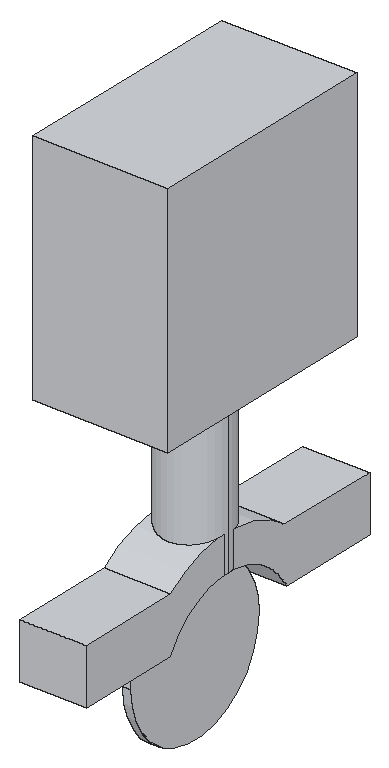
Revit family "M_Indicador do fluxo de água", category Acessórios do tubo, Revit 2019
Family settings
  Cota do conector redondo = Usar raio
  Tipo de parte = Válvula - Quebra entre
  Número OmniClass = 23.85.30.21.11.17
  Título OmniClass = Other Components
  ID de item do Seek = Water Flow Indicator-0000-CAN-ENU
  Com base no plano de trabalho = Não
  Sempre na vertical = Sim
  Corte com vazios quando carregada = Não
  Compartilhado = Não
Parameters (values of type "50 mm")
  Raio 3 = 44.5 mm
  Raio 2 = 46 mm
  Raio 1 = 31 mm
  Raio externo = 30 mm
  Diâmetro externo = Raio externo * 2  # 60 mm
  Raio nominal = 25 mm
  Diâmetro nominal = Raio nominal * 2  # 50 mm
  Largura do indicador = 133 mm
  Material do indicador = none
  Comprimento do indicador = 25 mm
  Altura 3 = 34.9 mm
  Altura 2 = 64.3 mm
  Altura 1 = 14.3 mm
  Altura de meio indicador = Largura do indicador / 2  # 66.5 mm
  Comprimento de meio indicador = Comprimento do indicador / 2  # 12.5 mm
  Diâmetro 1 = Raio 1 * 2  # 62 mm
  Assembly Code = ""
Types (5, lengths in mm): name | Raio 3 | Raio 2 | Raio 1 | Raio externo | Diâmetro externo | Raio nominal | Diâmetro nominal | Largura do indicador | Comprimento do indicador | Altura 3 | Altura 2 | Altura 1 | Altura de meio indicador | Comprimento de meio indicador | Diâmetro 1
  65 mm | 53.2 | 55.6 | 37.3 | 36.5 | 73 | 32.5 | 65 | 160 | 31 | 42.1 | 66.7 | 16.7 | 80 | 15.5 | 74.6
  80 mm | 65.1 | 69.9 | 45.2 | 44.5 | 89 | 40 | 80 | 196 | 38 | 50.8 | 70.6 | 22.2 | 98 | 19 | 90.4
  100 mm | 83.3 | 86.5 | 57.9 | 57.5 | 115 | 50 | 100 | 250 | 49 | 73 | 76.2 | 16.7 | 125 | 24.5 | 115.8
  150 mm | 123 | 131.8 | 85.7 | 84 | 168 | 75 | 150 | 372 | 72 | 92.9 | 88.1 | 42.1 | 186 | 36 | 171.4
  50 mm | 44.5 | 46 | 31 | 30 | 60 | 25 | 50 | 133 | 25 | 34.9 | 64.3 | 14.3 | 66.5 | 12.5 | 62
Reference planes
  plane 1 "Centro (Frente/Trás)": y = 0
  plane 2: z = 0
  plane 3 "Centro (Esquerda/Direita)": x = 0
  plane 4: z = 14.3
  plane 5: y = -66.5
  plane 6: y = 66.5
  plane 7: z = 31
  plane 8: x = -12.5
  plane 9: x = 12.5
  plane 10: z = 95.3
  plane 11: y = -44.45
  plane 12: y = 44.45
  plane 13: x = 25.4
  plane 14: x = -25.4
  plane 15: z = 184.2
  plane 16: z = -34.9
  plane 17: x = -3.175
  plane 18: z = 25
  plane 19: z = -25
  plane 20: z = 43.656
  plane 21: y = -31.45
Forms (mm)
  Extrusion 1, solid, material <- "Material do indicador", detail levels fine
    sketch origin (0, 0, 0) x (0, 1, 0) y (0, 0, 1)
      loop
        circle (0, 0) r 30
    from -3.175 to 0
  Extrusion 2, solid, material <- "Material do indicador", detail levels fine
    sketch origin (0, 0, 0) x (0, 1, 0) y (0, 0, 1)
      loop
        arc (26.906, 35.444) -> (0, 44.5) -> (-26.906, 35.444) r 44.5
        line (-26.906, 35.444) -> (-66.5, 35.444) -> (-66.5, 14.434) -> (-27.435, 14.434)
        arc (-27.435, 14.434) -> (0, 31) -> (27.435, 14.434) r 31
        line (27.435, 14.434) -> (66.5, 14.434) -> (66.5, 35.444) -> (26.906, 35.444)
    from -12.5 to 12.5
  Extrusion 3, solid, material <- "Material do indicador", detail levels fine
    sketch origin (0, 0, 0) x (1, 0, 0) y (0, 1, 0)
      loop
        circle (0, 0) r 12.7
    from 31 to 95.3
  Extrusion 4, solid, material <- "Material do indicador", detail levels fine
    sketch origin (0, 0, 0) x (0, 1, 0) y (0, 0, 1)
      loop
        line (44.45, 95.3) -> (44.45, 184.2) -> (-44.45, 184.2) -> (-44.45, 95.3) -> (44.45, 95.3)
    from -25.4 to 25.4
  Extrusion 5, solid, material <- "Material do indicador", detail levels fine
    sketch origin (0, 0, 0) x (1, 0, 0) y (0, 1, 0)
      loop
        circle (-12.5, -31.45) r 6.5
    from 95.3 to 111.239
Cuts and joins
  joined: Extrusion 4, Extrusion 5
Lines and regions (mm)
  Masking region 1
    outline origin (0, 0, 0) x (1, 0, 0) y (0, 0, 1)
      loop
        line (0, 25) -> (-12.5, 0) -> (0, -25) -> (12.5, 0) -> (0, 25)
  Masking region 2
    outline origin (0, 0, 0) x (1, 0, 0) y (0, 0, 1)
      loop
        line (0, -25) -> (12.5, 0) -> (0, 25) -> (-12.5, 0) -> (0, -25)
  reference lines
    curve 1: line (0, 0, 0) -> (0, -80.252, 105.717)
    curve 2: line (0, 0, 0) -> (0, 80.252, 105.717)
    curve 3: line (0, 0, 0) -> (0, -140.168, 73.747)
    curve 4: line (0, 0, 0) -> (0, 140.168, 73.747)
  model lines, detail levels coarse+medium
    curve 5: line (0, 0, 25) -> (-12.5, 0, 0)
    curve 6: line (-12.5, 0, 0) -> (0, 0, -25)
    curve 7: line (0, 0, -25) -> (12.5, 0, 0)
    curve 8: line (0, 0, 25) -> (12.5, 0, 0)
    curve 9: circle (0, 0, 95.3) r 12.5 normal (0, -1, 0)
    curve 10: line (0, 0, 82.8) -> (0, 0, 25)
Dimensions and locks
  "Altura 1": plane 4 to plane 2
  "Largura do indicador": plane 6 to plane 5
  "Altura de meio indicador": plane 1 "Centro (Frente/Trás)" to plane 5
  "Comprimento do indicador": plane 8 to plane 9
  locked: plane 14 to plane 13 at 50.8
  plane 11 to plane 12 = 88.9 mm
  "Raio 1": plane 7 to plane 2
  "Altura 2": plane 10 to plane 7
  plane 12 to plane 11 = 88.9 mm
  equal spacing: plane 12, plane 1 "Centro (Frente/Trás)", plane 11
  locked: plane 15 to plane 10 at 88.9
  "Comprimento de meio indicador": plane 8 to plane 3 "Centro (Esquerda/Direita)"
  "Altura 3": plane 2 to plane 16
  "Comprimento do indicador": plane 18 to plane 2
  "Comprimento do indicador": plane 2 to plane 19
  locked: plane 21 to plane 11 at 13
  "Raio externo": radius of Extrusion 1 sketch curve
  "Raio 3": radius of Extrusion 2 sketch curve
  "Raio 1": radius of Extrusion 2 sketch curve
  "Comprimento de meio indicador": radius of curve 9
  aligned and locked: curve 2 to Extrusion 2 sketch curve
  aligned and locked: curve 1 to Extrusion 2 sketch curve
  aligned and locked: curve 4 to Extrusion 2 sketch curve
  aligned and locked: curve 3 to Extrusion 2 sketch curve
  aligned and locked: plane 2 to Extrusion 2 sketch curve  (x2)
  aligned and locked: plane 1 "Centro (Frente/Trás)" to Extrusion 2 sketch curve  (x2)
  aligned and locked: Extrusion 2 to plane 8
  aligned and locked: plane 9 to Extrusion 2
  aligned and locked: Extrusion 3 to plane 7
  aligned and locked: plane 10 to Extrusion 3
  aligned and locked: Extrusion 4 to plane 10
  aligned and locked: plane 11 to Extrusion 4
  aligned and locked: Extrusion 4 to plane 12
  aligned and locked: plane 15 to Extrusion 4
  aligned and locked: Extrusion 4 to plane 14
  aligned and locked: plane 13 to Extrusion 4
  aligned and locked: plane 3 "Centro (Esquerda/Direita)" to Extrusion 1
  aligned and locked: Extrusion 1 to plane 17
  aligned and locked: plane 3 "Centro (Esquerda/Direita)" to curve 5
  aligned and locked: plane 2 to curve 5
  aligned and locked: plane 8 to curve 6
  aligned and locked: plane 19 to curve 6
  aligned and locked: plane 3 "Centro (Esquerda/Direita)" to curve 6
  aligned and locked: plane 2 to curve 7
  aligned and locked: plane 9 to curve 8
  aligned and locked: Masking region 1 sketch curve to curve 5
  aligned and locked: Masking region 1 sketch curve to curve 8
  aligned and locked: Masking region 1 sketch curve to curve 7
  aligned and locked: Masking region 1 sketch curve to curve 6
  aligned and locked: plane 10 to curve 9
  aligned and locked: plane 3 "Centro (Esquerda/Direita)" to curve 9
  aligned and locked: curve 10 to plane 3 "Centro (Esquerda/Direita)"
  aligned and locked: plane 21 to Extrusion 5 sketch curve
  aligned and locked: plane 8 to Extrusion 5 sketch curve
  aligned and locked: Extrusion 5 to plane 10
Automatic sketch dimensions
  Extrusion 1 sketch curve to level = 0 mm
  Extrusion 1 sketch curve to plane 1 "Centro (Frente/Trás)" = 0 mm
  curve 4 to level = 0 mm
  curve 4 to plane 1 "Centro (Frente/Trás)" = 0 mm
  plane 1 "Centro (Frente/Trás)" to curve 1 = 80.252 mm
  plane 4 to curve 3 = 59.447 mm
  curve 3 to curve 1 = 59.916 mm
  curve 2 to plane 1 "Centro (Frente/Trás)" = 80.252 mm
  plane 4 to curve 4 = 59.447 mm
  curve 2 to curve 4 = 59.916 mm
  curve 4 to curve 2 = 31.969 mm
  curve 3 to curve 1 = 31.969 mm
  Extrusion 2 sketch curve to plane 5 = 0 mm
  Extrusion 2 sketch curve to plane 6 = 0 mm
  Extrusion 3 sketch curve to plane 1 "Centro (Frente/Trás)" = 0 mm
  Extrusion 3 sketch curve to plane 3 "Centro (Esquerda/Direita)" = 0 mm
  Extrusion 4 sketch curve to plane 10 = 0 mm
  Extrusion 4 sketch curve to plane 11 = 0 mm
  Extrusion 4 sketch curve to plane 12 = 0 mm
  Extrusion 4 sketch curve to plane 15 = 0 mm
  curve 10 to plane 18 = 0 mm
  Masking region 2 sketch curve to level = 0 mm  (x2)
  Masking region 2 sketch curve to plane 8 = 0 mm
  Masking region 2 sketch curve to plane 3 "Centro (Esquerda/Direita)" = 0 mm  (x2)
  Masking region 2 sketch curve to plane 9 = 0 mm
  Masking region 2 sketch curve to plane 19 = 0 mm
  Masking region 2 sketch curve to plane 18 = 0 mm
  radius of Extrusion 3 sketch curve = 12.7 mm
  radius of Extrusion 5 sketch curve = 6.5 mm
Connectors
  piping at (-3.175, 0, 0), diameter 50, driven by "Raio nominal"
    settings: on Extrusion 1, index 1, connector inside diameter 50 mm, connector length 0 mm, flow factor 0, pipe flow 0.0 L/s, pressure drop 0.0 Pa, fitting loss kfactor 0, connector angle 0.00°, fixture units 0, engagement length 0 mm, angle of deflection 0.00°, flow configuration 0, flow direction 0, fitting loss method 0, system type 29, joint type 0, gender type 0, connector reference index 2, connector utility 0, adjustable connector no, is connector primary yes, connector description ""
  piping at (0, 0, 0), diameter 50, driven by "Raio nominal"
    settings: on Extrusion 1, index 2, connector inside diameter 50 mm, connector length 0 mm, flow factor 0, pipe flow 0.0 L/s, pressure drop 0.0 Pa, fitting loss kfactor 0, connector angle 0.00°, fixture units 0, engagement length 0 mm, angle of deflection 0.00°, flow configuration 0, flow direction 0, fitting loss method 0, system type 29, joint type 0, gender type 0, connector reference index 1, connector utility 0, adjustable connector no, is connector primary no, connector description ""
  electrical at (-12.5, -31.45, 95.3)
    settings: on Extrusion 5, index 3, voltage 0 V, apparent load 0 VA, apparent load phase1 0 VA, apparent load phase2 0 VA, apparent load phase3 0 VA, power factor 1, load classification "Outros", number of poles 1, system type 11, power factor state 1, is connector primary yes, connector utility no, sub classification motor no, connector description ""
